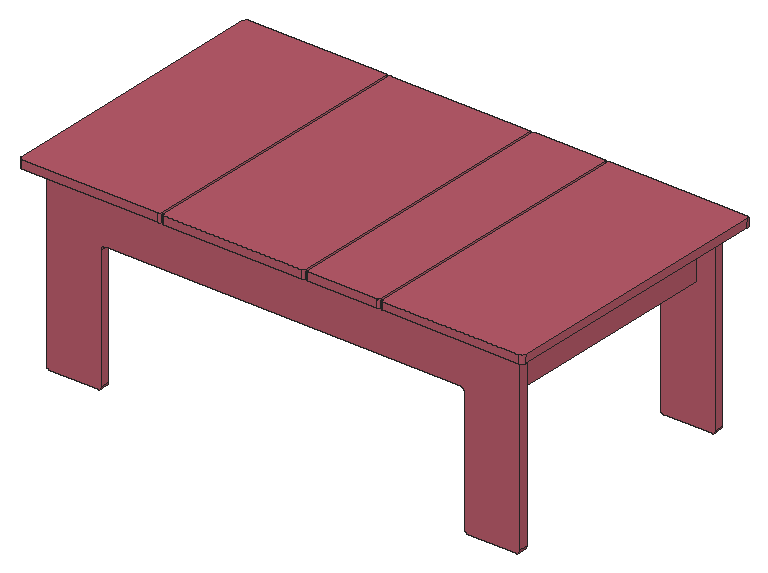
Revit family "Lollygagger Cocktail Table Rectangle", category Furniture, Revit 2016
Family settings
  OmniClass Number = 23.40.20.00
  OmniClass Title = General Furniture and Specialties
  Work Plane-Based = No
  Always vertical = Yes
  Cut with Voids When Loaded = No
  Shared = No
  Room Calculation Point = No
Parameters (values of type "Loll-Apple")
  with Leg = 3 1/2"  # constant formula
  Width = 18"  # constant formula
  URL = "https://lolldesigns.com/"
  Type Image = lollygagger_cocktail_rect_green.jpg
  Thick = 1/2"  # constant formula
  Model = ""
  Manufacturer = "Loll"  # constant formula
  Lenght = 32"  # constant formula
  Height Top = 12 13/256"  # constant formula
  Finish Material = Loll-Apple
  Apron = 3 77/256"  # constant formula
Types (11): name | Finish Material
  Loll-Black | Loll-Black
  Loll-Sunset | Loll-Sunset
  Loll-Chocolate | Loll-Chocolate
  Loll-Sky | Loll-Sky
  Loll-Apple | Loll-Apple
  Loll-Leaf | Loll-Evergreen
  Loll-Evergreen | Loll-Leaf
  Loll-Charcoal | Loll-Charcoal
  Loll-Sand | Loll-Sand
  Loll-Navy Blue | Loll-Navy Blue
  Loll-White | Loll-White
Reference planes (in)
  plane 1 "Center Front/Back": y = 0
  plane 2: z = 0
  plane 3 "Center Left/Right": x = 0
  plane 4: z = 12.05078
  plane 5: z = 11.55078
  plane 6: y = 9
  plane 7: y = -9
  plane 8: z = 8.25
  plane 9: x = -16
  plane 10: x = 16
  plane 11: y = 8
  plane 12: y = -8
  plane 13: y = 7.5
  plane 14: y = -7.5
  plane 15: x = -15
  plane 16: x = -11.5
  plane 17: x = 11.5
  plane 18: x = 15
  plane 19: x = 13.75
  plane 20: x = 13.25
  plane 21: x = -13.75
  plane 22: x = -13.25
  plane 23: z = 11.05078
Forms (in)
  Extrusion 1, solid, material "Loll-Apple" <- "Finish Material"
    sketch origin (0, 0, 0) x (1, 0, 0) y (0, 1, 0)
      loop
        arc (-15.75, 9) -> (-15.92678, 8.92678) -> (-16, 8.75) r 0.25
        line (-16, 8.75) -> (-16, -8.75)
        arc (-16, -8.75) -> (-15.92678, -8.92678) -> (-15.75, -9) r 0.25
        line (-15.75, -9) -> (-7.12603, -9)
        arc (-7.12603, -9) -> (-7.03691, -8.96309) -> (-7, -8.87397) r 0.12603
        line (-7, -8.87397) -> (-7, 8.87488)
        arc (-7, 8.87488) -> (-7.03665, 8.96335) -> (-7.12512, 9) r 0.12512
        line (-7.12512, 9) -> (-15.75, 9)
    from 11.55078 to 12.05078
  Extrusion 2, solid, material "Loll-Apple" <- "Finish Material"
    sketch origin (8.0625, 0.28155, 0) x (1, 0, 0) y (0, 1, 0)
      loop
        arc (-0.94084, 8.71845) -> (-1.02687, 8.68282) -> (-1.0625, 8.59679) r 0.12166
        line (-1.0625, 8.59679) -> (-1.0625, -9.15543)
        arc (-1.0625, -9.15543) -> (-1.02556, -9.24461) -> (-0.93638, -9.28155) r 0.12612
        line (-0.93638, -9.28155) -> (7.69023, -9.28155)
        arc (7.69023, -9.28155) -> (7.86508, -9.20912) -> (7.9375, -9.03428) r 0.24727
        line (7.9375, -9.03428) -> (7.9375, 8.46925)
        arc (7.9375, 8.46925) -> (7.86451, 8.64546) -> (7.6883, 8.71845) r 0.2492
        line (7.6883, 8.71845) -> (-0.94084, 8.71845)
    from 11.55078 to 12.05078
  Extrusion 3, solid, material "Loll-Apple" <- "Finish Material"
    sketch origin (0, 0, 0) x (0, 1, 0) y (0, 0, 1)
      loop
        line (7.5, 8.25) -> (7.5, 11.55078) -> (-7.5, 11.55078) -> (-7.5, 8.25) -> (7.5, 8.25)
    from 13.25 to 13.75
  Extrusion 4, solid, material "Loll-Apple" <- "Finish Material"
    sketch origin (0, 0, 0) x (1, 0, 0) y (0, 0, 1)
      loop
        line (-15, 11.55078) -> (-15, 0.25)
        arc (-15, 0.25) -> (-14.92678, 0.07322) -> (-14.75, 0) r 0.25
        line (-14.75, 0) -> (-11.75, 0)
        arc (-11.75, 0) -> (-11.57322, 0.07322) -> (-11.5, 0.25) r 0.25
        line (-11.5, 0.25) -> (-11.5, 8)
        arc (-11.5, 8) -> (-11.42678, 8.17678) -> (-11.25, 8.25) r 0.25
        line (-11.25, 8.25) -> (11.25, 8.25)
        arc (11.25, 8.25) -> (11.42678, 8.17678) -> (11.5, 8) r 0.25
        line (11.5, 8) -> (11.5, 0.25)
        arc (11.5, 0.25) -> (11.57322, 0.07322) -> (11.75, 0) r 0.25
        line (11.75, 0) -> (14.75, 0)
        arc (14.75, 0) -> (14.92678, 0.07322) -> (15, 0.25) r 0.25
        line (15, 0.25) -> (15, 11.55078) -> (-15, 11.55078)
    from 7.5 to 8
  Extrusion 5, solid, material "Loll-Apple" <- "Finish Material"
    sketch origin (0, 13.5, 0) x (1, 0, 0) y (0, 0, 1)
      loop
        line (-15, 11.55078) -> (-15, 0.25)
        arc (-15, 0.25) -> (-14.92678, 0.07322) -> (-14.75, 0) r 0.25
        line (-14.75, 0) -> (-11.75, 0)
        arc (-11.75, 0) -> (-11.57322, 0.07322) -> (-11.5, 0.25) r 0.25
        line (-11.5, 0.25) -> (-11.5, 8)
        arc (-11.5, 8) -> (-11.42678, 8.17678) -> (-11.25, 8.25) r 0.25
        line (-11.25, 8.25) -> (11.25, 8.25)
        arc (11.25, 8.25) -> (11.42678, 8.17678) -> (11.5, 8) r 0.25
        line (11.5, 8) -> (11.5, 0.25)
        arc (11.5, 0.25) -> (11.57322, 0.07322) -> (11.75, 0) r 0.25
        line (11.75, 0) -> (14.75, 0)
        arc (14.75, 0) -> (14.92678, 0.07322) -> (15, 0.25) r 0.25
        line (15, 0.25) -> (15, 11.55078) -> (-15, 11.55078)
    from 5.5 to 6
  Extrusion 6, solid, material "Loll-Apple" <- "Finish Material"
    sketch origin (-10.5, 0, 0) x (0, 1, 0) y (0, 0, 1)
      loop
        line (7.5, 8.25) -> (7.5, 11.55078) -> (-7.5, 11.55078) -> (-7.5, 8.25) -> (7.5, 8.25)
    from -3.25 to -2.75
  Extrusion 7, solid, material "Loll-Apple" <- "Finish Material"
    sketch origin (0, 7.5, 0) x (1, 0, 0) y (0, 0, 1)
      loop
        line (-13.25, 10.625) -> (-13.25, 8.625) -> (-11.875, 8.625)
        arc (-11.875, 8.625) -> (-11.69822, 8.69822) -> (-11.625, 8.875) r 0.25
        line (-11.625, 8.875) -> (-11.625, 10.37575)
        arc (-11.625, 10.37575) -> (-11.698, 10.552) -> (-11.87425, 10.625) r 0.24925
        line (-11.87425, 10.625) -> (-13.25, 10.625)
      loop
        circle (-12.25092, 9.62523) r 0.1562
    from 0 to 0.52
  Extrusion 8, solid, material "Loll-Apple" <- "Finish Material"
    sketch origin (0, 7.5, 0) x (-1, 0, 0) y (0, 0, -1)
      loop
        line (-13.25, -10.625) -> (-11.87425, -10.625)
        arc (-11.87425, -10.625) -> (-11.698, -10.552) -> (-11.625, -10.37575) r 0.24925
        line (-11.625, -10.37575) -> (-11.625, -8.875)
        arc (-11.625, -8.875) -> (-11.69822, -8.69822) -> (-11.875, -8.625) r 0.25
        line (-11.875, -8.625) -> (-13.25, -8.625) -> (-13.25, -10.625)
      loop
        circle (-12.25092, -9.62523) r 0.1562
    from 0 to 0.52
  Extrusion 9, solid, material "Loll-Apple" <- "Finish Material"
    sketch origin (0, -6.5, 0) x (1, 0, 0) y (0, 0, -1)
      loop
        line (-13.25, -10.625) -> (-11.87425, -10.625)
        arc (-11.87425, -10.625) -> (-11.698, -10.552) -> (-11.625, -10.37575) r 0.24925
        line (-11.625, -10.37575) -> (-11.625, -8.875)
        arc (-11.625, -8.875) -> (-11.69822, -8.69822) -> (-11.875, -8.625) r 0.25
        line (-11.875, -8.625) -> (-13.25, -8.625) -> (-13.25, -10.625)
      loop
        circle (-12.25092, -9.62523) r 0.1562
    from -1 to -0.5
  Extrusion 10, solid, material "Loll-Apple" <- "Finish Material"
    sketch origin (0, -6.5, 0) x (-1, 0, 0) y (0, 0, 1)
      loop
        line (-13.25, 10.625) -> (-13.25, 8.625) -> (-11.875, 8.625)
        arc (-11.875, 8.625) -> (-11.69822, 8.69822) -> (-11.625, 8.875) r 0.25
        line (-11.625, 8.875) -> (-11.625, 10.37575)
        arc (-11.625, 10.37575) -> (-11.698, 10.552) -> (-11.87425, 10.625) r 0.24925
        line (-11.87425, 10.625) -> (-13.25, 10.625)
      loop
        circle (-12.25092, 9.62523) r 0.1562
    from -1 to -0.5
  Extrusion 11, solid, material "Loll-Apple" <- "Finish Material"
    sketch origin (-3.1875, 0.28155, 0) x (1, 0, 0) y (0, 1, 0)
      loop
        arc (-3.56584, 8.71845) -> (-3.65187, 8.68282) -> (-3.6875, 8.59679) r 0.12166
        line (-3.6875, 8.59679) -> (-3.6875, -9.15543)
        arc (-3.6875, -9.15543) -> (-3.65056, -9.24461) -> (-3.56138, -9.28155) r 0.12612
        line (-3.56138, -9.28155) -> (5.18823, -9.28155)
        arc (5.18823, -9.28155) -> (5.2761, -9.24515) -> (5.3125, -9.15728) r 0.12427
        line (5.3125, -9.15728) -> (5.3125, 8.5918)
        arc (5.3125, 8.5918) -> (5.2754, 8.68135) -> (5.18584, 8.71845) r 0.12666
        line (5.18584, 8.71845) -> (-3.56584, 8.71845)
      loop
        line (5.4375, 8.59679) -> (5.4375, -9.15543)
        arc (5.4375, -9.15543) -> (5.47444, -9.24461) -> (5.56362, -9.28155) r 0.12612
        line (5.56362, -9.28155) -> (9.93823, -9.28155)
        arc (9.93823, -9.28155) -> (10.0261, -9.24515) -> (10.0625, -9.15728) r 0.12427
        line (10.0625, -9.15728) -> (10.0625, 8.5918)
        arc (10.0625, 8.5918) -> (10.0254, 8.68135) -> (9.93584, 8.71845) r 0.12666
        line (9.93584, 8.71845) -> (5.55916, 8.71845)
        arc (5.55916, 8.71845) -> (5.47313, 8.68282) -> (5.4375, 8.59679) r 0.12166
    from 11.55078 to 12.05078
  Extrusion 12, solid, material "Loll-Apple" <- "Finish Material"
    sketch origin (0.59375, 0, 11.55078) x (0, 1, 0) y (1, 0, 0)
      loop
        line (-6.125, -11.03125) -> (-7.5, -11.03125) -> (-7.5, -13.03125) -> (-6.125, -13.03125)
        arc (-6.125, -13.03125) -> (-5.94822, -12.95803) -> (-5.875, -12.78125) r 0.25
        line (-5.875, -12.78125) -> (-5.875, -11.28125)
        arc (-5.875, -11.28125) -> (-5.94822, -11.10447) -> (-6.125, -11.03125) r 0.25
      loop
        circle (-6.50012, -12.03125) r 0.15388
    from 0 to 0.5
  Extrusion 13, solid, material "Loll-Apple" <- "Finish Material"
    sketch origin (16.59375, 0, 11.55078) x (0, 1, 0) y (1, 0, 0)
      loop
        line (-6.125, -11.03125) -> (-7.5, -11.03125) -> (-7.5, -13.03125) -> (-6.125, -13.03125)
        arc (-6.125, -13.03125) -> (-5.94822, -12.95803) -> (-5.875, -12.78125) r 0.25
        line (-5.875, -12.78125) -> (-5.875, -11.28125)
        arc (-5.875, -11.28125) -> (-5.94822, -11.10447) -> (-6.125, -11.03125) r 0.25
      loop
        circle (-6.50012, -12.03125) r 0.15388
    from 0 to 0.5
  Extrusion 14, solid, material "Loll-Apple" <- "Finish Material"
    sketch origin (9.65625, 0, 11.55078) x (0, 1, 0) y (1, 0, 0)
      loop
        line (-6.125, -11.03125) -> (-7.5, -11.03125) -> (-7.5, -13.03125) -> (-6.125, -13.03125)
        arc (-6.125, -13.03125) -> (-5.94822, -12.95803) -> (-5.875, -12.78125) r 0.25
        line (-5.875, -12.78125) -> (-5.875, -11.28125)
        arc (-5.875, -11.28125) -> (-5.94822, -11.10447) -> (-6.125, -11.03125) r 0.25
      loop
        circle (-6.50012, -12.03125) r 0.15388
    from 0 to 0.5
  Extrusion 15, solid, material "Loll-Apple" <- "Finish Material"
    sketch origin (23.46875, 0, 11.55078) x (0, 1, 0) y (1, 0, 0)
      loop
        line (-6.125, -11.03125) -> (-7.5, -11.03125) -> (-7.5, -13.03125) -> (-6.125, -13.03125)
        arc (-6.125, -13.03125) -> (-5.94822, -12.95803) -> (-5.875, -12.78125) r 0.25
        line (-5.875, -12.78125) -> (-5.875, -11.28125)
        arc (-5.875, -11.28125) -> (-5.94822, -11.10447) -> (-6.125, -11.03125) r 0.25
      loop
        circle (-6.50012, -12.03125) r 0.15388
    from 0 to 0.5
  Extrusion 16, solid, material "Loll-Apple" <- "Finish Material"
    sketch origin (1.59375, 0, 11.55078) x (0, -1, 0) y (-1, 0, 0)
      loop
        line (-6.125, 4.96875) -> (-7.5, 4.96875) -> (-7.5, 2.96875) -> (-6.125, 2.96875)
        arc (-6.125, 2.96875) -> (-5.94822, 3.04197) -> (-5.875, 3.21875) r 0.25
        line (-5.875, 3.21875) -> (-5.875, 4.71875)
        arc (-5.875, 4.71875) -> (-5.94822, 4.89553) -> (-6.125, 4.96875) r 0.25
      loop
        circle (-6.50012, 3.96875) r 0.15388
    from 0 to 0.5
  Extrusion 17, solid, material "Loll-Apple" <- "Finish Material"
    sketch origin (-7.46875, 0, 11.55078) x (0, -1, 0) y (-1, 0, 0)
      loop
        line (-6.125, 4.96875) -> (-7.5, 4.96875) -> (-7.5, 2.96875) -> (-6.125, 2.96875)
        arc (-6.125, 2.96875) -> (-5.94822, 3.04197) -> (-5.875, 3.21875) r 0.25
        line (-5.875, 3.21875) -> (-5.875, 4.71875)
        arc (-5.875, 4.71875) -> (-5.94822, 4.89553) -> (-6.125, 4.96875) r 0.25
      loop
        circle (-6.50012, 3.96875) r 0.15388
    from 0 to 0.5
  Extrusion 18, solid, material "Loll-Apple" <- "Finish Material"
    sketch origin (8.53125, 0, 11.55078) x (0, -1, 0) y (-1, 0, 0)
      loop
        line (-6.125, 4.96875) -> (-7.5, 4.96875) -> (-7.5, 2.96875) -> (-6.125, 2.96875)
        arc (-6.125, 2.96875) -> (-5.94822, 3.04197) -> (-5.875, 3.21875) r 0.25
        line (-5.875, 3.21875) -> (-5.875, 4.71875)
        arc (-5.875, 4.71875) -> (-5.94822, 4.89553) -> (-6.125, 4.96875) r 0.25
      loop
        circle (-6.50012, 3.96875) r 0.15388
    from 0 to 0.5
  Extrusion 19, solid, material "Loll-Apple" <- "Finish Material"
    sketch origin (15.40625, 0, 11.55078) x (0, -1, 0) y (-1, 0, 0)
      loop
        line (-6.125, 4.96875) -> (-7.5, 4.96875) -> (-7.5, 2.96875) -> (-6.125, 2.96875)
        arc (-6.125, 2.96875) -> (-5.94822, 3.04197) -> (-5.875, 3.21875) r 0.25
        line (-5.875, 3.21875) -> (-5.875, 4.71875)
        arc (-5.875, 4.71875) -> (-5.94822, 4.89553) -> (-6.125, 4.96875) r 0.25
      loop
        circle (-6.50012, 3.96875) r 0.15388
    from 0 to 0.5
  Extrusion 20, solid, material "Loll-Apple" <- "Finish Material"
    sketch origin (-1, 9, 5.75501) x (0, 1, 0) y (0, 0, 1)
      loop
        line (-8.75, 3.29499) -> (-8.75, 5.79577) -> (-9.25, 5.79577) -> (-9.25, 3.29499) -> (-8.75, 3.29499)
    from -12.25 to 14.25
Lines and regions (in)
  Masking region 1
    outline origin (-30, 0, 0) x (1, 0, 0) y (0, 0, 1)
      loop
        line (45, 0.25) -> (45, 11.55078) -> (37, 11.55078) -> (37, 11.75) -> (36.875, 11.75) -> (36.875, 11.55078) -> (32.25, 11.55078) -> (32.25, 11.75) -> (32.125, 11.75) -> (32.125, 11.55078) -> (23.125, 11.55078) -> (23.125, 11.75078) -> (23, 11.75078) -> (23, 11.55078) -> (15, 11.55078) -> (15, 0.25)
        arc (15, 0.25) -> (15.07322, 0.07322) -> (15.25, 0) r 0.25
        line (15.25, 0) -> (18.25, 0)
        arc (18.25, 0) -> (18.42678, 0.07322) -> (18.5, 0.25) r 0.25
        line (18.5, 0.25) -> (18.5, 8)
        arc (18.5, 8) -> (18.57322, 8.17678) -> (18.75, 8.25) r 0.25
        line (18.75, 8.25) -> (41.25, 8.25)
        arc (41.25, 8.25) -> (41.42678, 8.17678) -> (41.5, 8) r 0.25
        line (41.5, 8) -> (41.5, 0.25)
        arc (41.5, 0.25) -> (41.57322, 0.07322) -> (41.75, 0) r 0.25
        line (41.75, 0) -> (44.75, 0)
        arc (44.75, 0) -> (44.92678, 0.07322) -> (45, 0.25) r 0.25
  Masking region 2
    outline origin (0, 0, 0) x (1, 0, 0) y (0, 1, 0)
      loop
        arc (-15.75, 9) -> (-15.92678, 8.92678) -> (-16, 8.75) r 0.25
        line (-16, 8.75) -> (-16, -8.75)
        arc (-16, -8.75) -> (-15.92678, -8.92678) -> (-15.75, -9) r 0.25
        line (-15.75, -9) -> (-7.12603, -9)
        arc (-7.12603, -9) -> (-7.03691, -8.96309) -> (-7, -8.87397) r 0.12603
        line (-7, -8.87397) -> (-7, 8.87488)
        arc (-7, 8.87488) -> (-7.03665, 8.96335) -> (-7.12512, 9) r 0.12512
        line (-7.12512, 9) -> (-15.75, 9)
      loop
        arc (7.12166, 9) -> (7.03563, 8.96437) -> (7, 8.87834) r 0.12166
        line (7, 8.87834) -> (7, -8.8754)
        arc (7, -8.8754) -> (7.03649, -8.96351) -> (7.1246, -9) r 0.1246
        line (7.1246, -9) -> (15.75273, -9)
        arc (15.75273, -9) -> (15.92758, -8.92758) -> (16, -8.75273) r 0.24727
        line (16, -8.75273) -> (16, 8.7508)
        arc (16, 8.7508) -> (15.92701, 8.92701) -> (15.7508, 9) r 0.2492
        line (15.7508, 9) -> (7.12166, 9)
      loop
        arc (-6.75334, 9) -> (-6.83937, 8.96437) -> (-6.875, 8.87834) r 0.12166
        line (-6.875, 8.87834) -> (-6.875, -8.87388)
        arc (-6.875, -8.87388) -> (-6.83806, -8.96306) -> (-6.74888, -9) r 0.12612
        line (-6.74888, -9) -> (2.00073, -9)
        arc (2.00073, -9) -> (2.0886, -8.9636) -> (2.125, -8.87573) r 0.12427
        line (2.125, -8.87573) -> (2.125, 8.87334)
        arc (2.125, 8.87334) -> (2.0879, 8.9629) -> (1.99834, 9) r 0.12666
        line (1.99834, 9) -> (-6.75334, 9)
      loop
        arc (2.37166, 9) -> (2.28563, 8.96437) -> (2.25, 8.87834) r 0.12166
        line (2.25, 8.87834) -> (2.25, -8.87388)
        arc (2.25, -8.87388) -> (2.28694, -8.96306) -> (2.37612, -9) r 0.12612
        line (2.37612, -9) -> (6.75073, -9)
        arc (6.75073, -9) -> (6.8386, -8.9636) -> (6.875, -8.87573) r 0.12427
        line (6.875, -8.87573) -> (6.875, 8.87334)
        arc (6.875, 8.87334) -> (6.8379, 8.9629) -> (6.74834, 9) r 0.12666
        line (6.74834, 9) -> (2.37166, 9)
  Masking region 3
    outline origin (0, 0, 0) x (1, 0, 0) y (0, 0, 1)
      loop
        line (16, 11.55078) -> (16, 12.05078) -> (7, 12.05078) -> (7, 11.55078) -> (16, 11.55078)
      loop
        line (-7, 12.05078) -> (-16, 12.05078) -> (-16, 11.55078) -> (-7, 11.55078) -> (-7, 12.05078)
      loop
        line (6.875, 11.55078) -> (6.875, 12.05078) -> (2.25, 12.05078) -> (2.25, 11.55078) -> (6.875, 11.55078)
      loop
        line (2.125, 11.55078) -> (2.125, 12.05078) -> (-6.875, 12.05078) -> (-6.875, 11.55078) -> (2.125, 11.55078)
  Masking region 4
    outline origin (0, 0, 0) x (0, 1, 0) y (0, 0, 1)
      loop
        line (9, 11.55) -> (9, 12.05078) -> (-9, 12.05078) -> (-9, 11.55) -> (-8, 11.55) -> (-8, 0) -> (-7.5, 0) -> (-7.5, 8.25) -> (7.5, 8.25) -> (7.5, 0) -> (8, 0) -> (8, 11.55) -> (9, 11.55)
  symbolic lines
    curve 1: line (0, 8, 11.55078) -> (0, -8, 11.55078)
    curve 2: line (0, 7.5, 8.25) -> (0, 7.5, 11.55078)
    curve 3: line (0, -7.5, 8.25) -> (0, -7.5, 11.55078)
Dimensions and locks (in)
  "Height Top": plane 4 to level
  "Thick": plane 4 to plane 5
  "Lenght": plane 9 to plane 10
  equal spacing: plane 9, plane 3 "Center Left/Right", plane 10
  "Width": plane 6 to plane 7
  equal spacing: plane 7, plane 1 "Center Front/Back", plane 6
  locked: plane 10 to plane 18 at 1
  locked: plane 15 to plane 9 at 1
  "with Leg": plane 18 to plane 17
  "with Leg": plane 16 to plane 15
  "Apron": plane 8 to plane 5
  "Thick": plane 5 to plane 23
  "Thick": plane 21 to plane 22
  locked: plane 21 to plane 15 at 1.25
  locked: plane 18 to plane 19 at 1.25
  "Thick": plane 19 to plane 20
  plane 7 to plane 12 = 1"
  "Thick": plane 12 to plane 14
  "Thick": plane 13 to plane 11
  plane 11 to plane 6 = 1"
  aligned and locked: level to plane 2
  aligned and locked: Extrusion 1 to plane 9
  aligned and locked: plane 4 to Extrusion 1
  aligned and locked: Extrusion 1 to plane 5
  aligned and locked: Extrusion 2 to plane 7
  aligned and locked: plane 10 to Extrusion 2
  aligned and locked: plane 6 to Extrusion 2
  aligned and locked: Masking region 2 sketch curve to Extrusion 1  (x2)
  aligned and locked: Masking region 2 sketch curve to Extrusion 2  (x3)
  aligned and locked: plane 8 to Extrusion 3 sketch curve
  aligned and locked: Extrusion 3 sketch curve to plane 13
  aligned and locked: Extrusion 3 sketch curve to plane 5
  aligned and locked: Extrusion 3 sketch curve to plane 14
  aligned and locked: Extrusion 3 to plane 20
  aligned and locked: plane 19 to Extrusion 3
  aligned and locked: Extrusion 4 sketch curve to plane 15
  aligned and locked: Extrusion 4 sketch curve to level  (x2)
  aligned and locked: Extrusion 4 sketch curve to plane 16
  aligned and locked: Extrusion 4 sketch curve to plane 5
  aligned and locked: Extrusion 4 sketch curve to plane 8
  aligned and locked: Extrusion 4 sketch curve to plane 17
  aligned and locked: Extrusion 4 sketch curve to plane 18
  aligned and locked: Extrusion 4 to plane 14
  aligned and locked: plane 12 to Extrusion 4
  aligned and locked: Masking region 1 sketch curve to Extrusion 4
  aligned and locked: plane 5 to Masking region 1 sketch curve
  aligned and locked: plane 15 to Masking region 1 sketch curve
  aligned and locked: level to Masking region 1 sketch curve  (x2)
  aligned and locked: plane 16 to Masking region 1 sketch curve
  aligned and locked: plane 8 to Masking region 1 sketch curve
  aligned and locked: plane 17 to Masking region 1 sketch curve
  aligned and locked: Masking region 1 to plane 16
  aligned and locked: Extrusion 4 to level  (x2)
  aligned and locked: Masking region 3 sketch curve to Extrusion 2  (x3)
  aligned and locked: Masking region 3 sketch curve to Extrusion 1  (x3)
  aligned and locked: Masking region 4 sketch curve to Extrusion 2
  aligned and locked: Masking region 4 sketch curve to Extrusion 1  (x2)
  aligned and locked: plane 11 to Masking region 4 sketch curve
  aligned and locked: plane 13 to Masking region 4 sketch curve
  aligned and locked: level to Masking region 4 sketch curve  (x2)
  aligned and locked: Masking region 4 sketch curve to plane 14
  aligned and locked: Masking region 4 sketch curve to plane 12
  aligned and locked: Masking region 4 sketch curve to plane 8
  aligned and locked: plane 14 to curve 3
  aligned and locked: plane 13 to Extrusion 3
  aligned and locked: curve 1 to plane 5
  aligned and locked: plane 5 to Extrusion 5
  aligned and locked: plane 18 to Extrusion 5
  aligned and locked: Extrusion 5 to plane 17
  aligned and locked: Extrusion 5 to plane 8
  aligned and locked: plane 16 to Extrusion 5
  aligned and locked: Extrusion 5 to plane 15
  aligned and locked: Extrusion 5 to level  (x2)
  aligned and locked: plane 21 to Extrusion 6
  aligned and locked: Extrusion 6 to plane 22
  aligned and locked: plane 22 to Extrusion 7 sketch curve
  aligned and locked: plane 14 to Extrusion 9
  aligned and locked: plane 14 to Extrusion 10
  aligned and locked: plane 4 to Extrusion 2
  aligned and locked: Extrusion 2 to plane 5
  aligned and locked: plane 4 to Extrusion 11
  aligned and locked: Extrusion 11 to plane 5
  aligned and locked: Masking region 1 to Masking region 3
  aligned and locked: Masking region 3 to Masking region 1 sketch curve
  aligned and locked: plane 11 to Extrusion 5
  aligned and locked: Extrusion 5 to plane 13
  aligned and locked: plane 14 to Extrusion 14
  aligned and locked: plane 14 to Extrusion 15
  aligned and locked: plane 13 to Extrusion 19
  aligned and locked: plane 13 to Extrusion 18
  aligned and locked: plane 5 to Extrusion 20
  aligned and locked: plane 22 to Extrusion 20
  aligned and locked: plane 20 to Extrusion 20
  aligned and locked: Masking region 2 sketch curve to Extrusion 11  (x8)
Automatic sketch dimensions
  curve 1 to plane 12 = 0"
  curve 2 to plane 13 = 0"
  curve 1 to plane 11 = 0"
  curve 2 to plane 8 = 0"
  curve 3 to plane 8 = 0"
  Masking region 1 sketch curve to plane 5 = 0"  (x3)
  plane 15 to Masking region 1 sketch curve = 1/4"
  Masking region 1 sketch curve to plane 16 = 1/4"
  plane 16 to Masking region 1 sketch curve = 1/4"
  plane 16 to Masking region 1 sketch curve = 4 1/2"
  Masking region 1 sketch curve to Masking region 1 sketch curve = 1/8"  (x3)
  Masking region 1 sketch curve to plane 17 = 1/4"
  level to Masking region 1 sketch curve = 1/4"  (x2)
  Masking region 1 sketch curve to Masking region 1 sketch curve = 51/256"  (x2)
  Masking region 1 sketch curve to Masking region 1 sketch curve = 0.2"
  Extrusion 1 sketch curve to plane 9 = 0"
  Extrusion 1 sketch curve to plane 6 = 0"
  Extrusion 1 sketch curve to plane 7 = 0"
  plane 9 to Extrusion 1 sketch curve = 1/4"  (x2)
  plane 7 to Extrusion 1 sketch curve = 0.12603"
  plane 16 to Extrusion 1 sketch curve = 4.37397"
  Extrusion 1 sketch curve to Extrusion 1 sketch curve = 0.12512"
  Extrusion 2 sketch curve to plane 6 = 0"
  Extrusion 2 sketch curve to plane 7 = 0"
  Extrusion 2 sketch curve to plane 10 = 0"
  Extrusion 2 sketch curve to Extrusion 2 sketch curve = 0.24727"
  Extrusion 2 sketch curve to plane 6 = 0.2492"
  plane 7 to Extrusion 2 sketch curve = 0.12612"
  Extrusion 2 sketch curve to plane 17 = 4.37388"
  Extrusion 2 sketch curve to plane 6 = 0.12166"
  plane 15 to Extrusion 4 sketch curve = 1/4"
  Extrusion 4 sketch curve to plane 16 = 1/4"
  plane 16 to Extrusion 4 sketch curve = 1/4"
  Extrusion 4 sketch curve to plane 17 = 1/4"
  level to Extrusion 4 sketch curve = 1/4"  (x2)
  Masking region 3 sketch curve to plane 4 = 0"  (x2)
  Masking region 3 sketch curve to plane 5 = 0"  (x2)
  plane 16 to Masking region 3 sketch curve = 4 1/2"
  Masking region 3 sketch curve to Masking region 3 sketch curve = 1/8"  (x3)
  plane 3 "Center Left/Right" to Masking region 3 sketch curve = 2 1/8"
  Masking region 3 sketch curve to plane 17 = 4 5/8"
  Masking region 4 sketch curve to plane 5 = 0.00078"  (x2)
  Extrusion 5 sketch curve to plane 5 = 0"
  Extrusion 5 sketch curve to plane 15 = 0"
  Extrusion 5 sketch curve to level = 0"  (x2)
  Extrusion 5 sketch curve to plane 16 = 0"
  Extrusion 5 sketch curve to plane 8 = 0"
  Extrusion 5 sketch curve to plane 17 = 0"
  Extrusion 5 sketch curve to plane 18 = 0"
  plane 15 to Extrusion 5 sketch curve = 1/4"
  Extrusion 5 sketch curve to plane 16 = 1/4"
  plane 16 to Extrusion 5 sketch curve = 1/4"
  Extrusion 5 sketch curve to plane 17 = 1/4"
  level to Extrusion 5 sketch curve = 1/4"  (x2)
  Extrusion 6 sketch curve to plane 8 = 0"
  Extrusion 6 sketch curve to plane 14 = 0"
  Extrusion 6 sketch curve to plane 5 = 0"
  Extrusion 6 sketch curve to plane 13 = 0"
  Extrusion 7 sketch curve to Extrusion 5 = 0.75092"
  Extrusion 7 sketch curve to Extrusion 5 = 3/8"  (x2)
  Extrusion 7 sketch curve to Extrusion 5 = 0.37425"
  Extrusion 7 sketch curve to Extrusion 5 = 1/8"
  Extrusion 7 sketch curve to Extrusion 7 sketch curve = 0.75023"
  Extrusion 7 sketch curve to Extrusion 7 sketch curve = 0.75052"
  Extrusion 8 sketch curve to Extrusion 5 = 3/8"  (x2)
  Extrusion 8 sketch curve to Extrusion 5 = 1 3/4"
  Extrusion 8 sketch curve to Extrusion 5 = 0.75092"
  Extrusion 8 sketch curve to Extrusion 5 = 0.37425"
  Extrusion 8 sketch curve to Extrusion 5 = 1/8"
  Extrusion 8 sketch curve to Extrusion 8 sketch curve = 0.75023"
  Extrusion 8 sketch curve to Extrusion 8 sketch curve = 0.75052"
  plane 22 to Extrusion 9 sketch curve = 0"
  Extrusion 9 sketch curve to plane 16 = 0.75092"
  Extrusion 9 sketch curve to plane 16 = 3/8"
  Extrusion 9 sketch curve to plane 16 = 0.37425"
  Extrusion 9 sketch curve to plane 16 = 1/8"
  Extrusion 9 sketch curve to plane 23 = 109/256"
  Extrusion 9 sketch curve to Extrusion 9 sketch curve = 0.75052"
  plane 8 to Extrusion 9 sketch curve = 5/8"
  Extrusion 10 sketch curve to plane 20 = 0"
  plane 17 to Extrusion 10 sketch curve = 0.75092"
  plane 17 to Extrusion 10 sketch curve = 3/8"
  plane 17 to Extrusion 10 sketch curve = 0.37425"
  plane 17 to Extrusion 10 sketch curve = 1/8"
  plane 8 to Extrusion 10 sketch curve = 3/8"
  Extrusion 10 sketch curve to Extrusion 10 sketch curve = 0.75023"
  Extrusion 10 sketch curve to plane 23 = 0.67503"
  Extrusion 11 sketch curve to plane 6 = 0"  (x2)
  Extrusion 11 sketch curve to plane 7 = 0"  (x2)
  plane 7 to Extrusion 11 sketch curve = 0.12612"
  plane 16 to Extrusion 11 sketch curve = 4 5/8"
  Extrusion 11 sketch curve to Extrusion 11 sketch curve = 0.12166"
  plane 3 "Center Left/Right" to Extrusion 11 sketch curve = 1.99834"
  plane 7 to Extrusion 11 sketch curve = 0.12427"
  plane 3 "Center Left/Right" to Extrusion 11 sketch curve = 2.00073"
  Extrusion 11 sketch curve to Extrusion 11 sketch curve = 1/8"
  Extrusion 11 sketch curve to plane 6 = 0.12166"
  Extrusion 11 sketch curve to Extrusion 11 sketch curve = 0.12612"
  Extrusion 11 sketch curve to plane 6 = 0.12666"
  Extrusion 11 sketch curve to Extrusion 11 sketch curve = 4.37668"
  Extrusion 11 sketch curve to Extrusion 11 sketch curve = 0.12427"
  plane 14 to Extrusion 12 sketch curve = 0"
  plane 16 to Extrusion 12 sketch curve = 1/16"
  Extrusion 12 sketch curve to plane 14 = 0.99988"
  Extrusion 12 sketch curve to Extrusion 12 sketch curve = 0.37512"  (x2)
  Extrusion 12 sketch curve to Extrusion 12 sketch curve = 1/4"
  plane 16 to Extrusion 12 sketch curve = 13/16"
  Extrusion 12 sketch curve to plane 16 = 11/16"
  plane 14 to Extrusion 13 sketch curve = 0"
  Extrusion 13 sketch curve to plane 14 = 0.99988"
  Extrusion 13 sketch curve to Extrusion 13 sketch curve = 0.37512"  (x2)
  Extrusion 13 sketch curve to Extrusion 13 sketch curve = 1/4"
  plane 3 "Center Left/Right" to Extrusion 13 sketch curve = 5 9/16"
  Extrusion 13 sketch curve to Extrusion 13 sketch curve = 3/4"  (x2)
  plane 14 to Extrusion 14 sketch curve = 0"
  Extrusion 14 sketch curve to plane 14 = 0.99988"
  Extrusion 14 sketch curve to Extrusion 14 sketch curve = 0.37512"  (x2)
  Extrusion 14 sketch curve to Extrusion 14 sketch curve = 1/4"
  Extrusion 14 sketch curve to plane 3 "Center Left/Right" = 1 3/8"
  Extrusion 14 sketch curve to Extrusion 14 sketch curve = 3/4"  (x2)
  plane 14 to Extrusion 15 sketch curve = 0"
  Extrusion 15 sketch curve to plane 17 = 1/16"
  Extrusion 15 sketch curve to plane 14 = 0.99988"
  Extrusion 15 sketch curve to Extrusion 15 sketch curve = 0.37512"  (x2)
  Extrusion 15 sketch curve to Extrusion 15 sketch curve = 1/4"
  plane 17 to Extrusion 15 sketch curve = 11/16"
  Extrusion 15 sketch curve to plane 17 = 13/16"
  Extrusion 1 to Extrusion 16 sketch curve = 1 1/2"
  Extrusion 16 sketch curve to Extrusion 16 sketch curve = 0.99988"
  Extrusion 16 sketch curve to Extrusion 16 sketch curve = 0.37512"  (x2)
  Extrusion 16 sketch curve to Extrusion 16 sketch curve = 1/4"
  Extrusion 16 sketch curve to Extrusion 1 = 3 5/8"
  Extrusion 16 sketch curve to Extrusion 16 sketch curve = 3/4"  (x2)
  Extrusion 17 sketch curve to plane 13 = 0"
  plane 16 to Extrusion 17 sketch curve = 1/16"
  Extrusion 17 sketch curve to plane 13 = 0.99988"
  Extrusion 17 sketch curve to Extrusion 17 sketch curve = 0.37512"  (x2)
  Extrusion 17 sketch curve to Extrusion 17 sketch curve = 1/4"
  Extrusion 17 sketch curve to plane 16 = 11/16"
  plane 16 to Extrusion 17 sketch curve = 13/16"
  Extrusion 1 to Extrusion 18 sketch curve = 1 1/2"
  Extrusion 18 sketch curve to Extrusion 18 sketch curve = 0.99988"
  Extrusion 18 sketch curve to Extrusion 18 sketch curve = 0.37512"  (x2)
  Extrusion 18 sketch curve to Extrusion 18 sketch curve = 1/4"
  Extrusion 18 sketch curve to Extrusion 1 = 10 9/16"
  Extrusion 18 sketch curve to Extrusion 18 sketch curve = 3/4"  (x2)
  Extrusion 1 to Extrusion 19 sketch curve = 1 1/2"
  Extrusion 19 sketch curve to Extrusion 19 sketch curve = 0.99988"
  Extrusion 19 sketch curve to Extrusion 19 sketch curve = 0.37512"  (x2)
  Extrusion 19 sketch curve to Extrusion 19 sketch curve = 1/4"
  Extrusion 19 sketch curve to Extrusion 1 = 17 7/16"
  Extrusion 19 sketch curve to Extrusion 19 sketch curve = 3/4"  (x2)
  Extrusion 20 sketch curve to plane 5 = 0"
  plane 1 "Center Front/Back" to Extrusion 20 sketch curve = 1/4"
  Extrusion 20 sketch curve to plane 1 "Center Front/Back" = 1/4"
  plane 8 to Extrusion 20 sketch curve = 0.8"
  Masking region 2 sketch curve to Masking region 2 sketch curve = 0.25103"
  Masking region 2 sketch curve to Masking region 2 sketch curve = 0.25012"
  Masking region 2 sketch curve to Masking region 2 sketch curve = 1/8"
  Masking region 2 sketch curve to plane 6 = 0.12166"
  Masking region 2 sketch curve to Masking region 2 sketch curve = 0.1246"
  plane 3 "Center Left/Right" to Masking region 1 sketch curve = 2 1/8"
  radius of Extrusion 7 sketch curve = 0.1562"
  radius of Extrusion 8 sketch curve = 0.1562"
  radius of Extrusion 9 sketch curve = 0.1562"
  radius of Extrusion 10 sketch curve = 0.1562"
  radius of Extrusion 12 sketch curve = 0.15388"
  radius of Extrusion 13 sketch curve = 0.15388"
  radius of Extrusion 14 sketch curve = 0.15388"
  radius of Extrusion 15 sketch curve = 0.15388"
  radius of Extrusion 16 sketch curve = 0.15388"
  radius of Extrusion 17 sketch curve = 0.15388"
  radius of Extrusion 18 sketch curve = 0.15388"
  radius of Extrusion 19 sketch curve = 0.15388"
